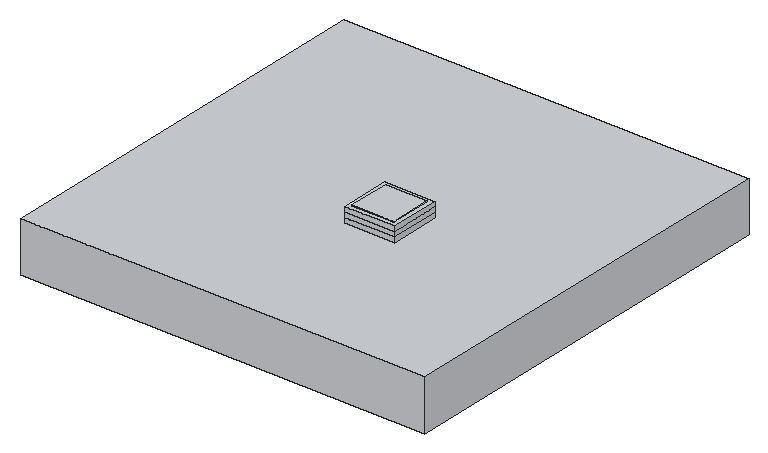
Revit family "PRIAM + PRIAM LED CARRE ", category Luminaires, Revit 2021
Family settings
  Hôte = Face
  Cote de connecteur circulaire = Utiliser le diamètre
  Type d'élément = Normal
  Couper avec des vides une fois chargée = Oui
  Source d'éclairage = Oui
  Partagée = Non
  Point de calcul de pièce = Oui
Parameters (values of type "946717")
  rayon = 150 mm  # constant formula
  nbr poles = 1  # constant formula
  longueur = 300 mm  # constant formula
  largeur = 300 mm  # constant formula
  indice de charge = Eclairage
  hauteur diffuseur = 5 mm  # constant formula
  epaisseur = 30 mm  # constant formula
  diametre diffuseur = 250 mm  # constant formula
  Tension = 230 V  # constant formula
  built-in parameter 1150107 = 4000 (stored number, unit not read)
  Wattage = 21.3 W
  built-in parameter 1150110 = 1 (stored number, unit not read)
  built-in parameter 1150109 = 1 (stored number, unit not read)
  built-in parameter 1114218 = 1 (stored number, unit not read)
  built-in parameter 1150113 = 1 (stored number, unit not read)
  built-in parameter 1150112 = 1 (stored number, unit not read)
  built-in parameter 1150137 = (empty or 0)
  built-in parameter 1150132 = (empty or 0)
  Modèle = "PRIAM LED CARRE DETEC ø300"
  built-in parameter 1150105 = 4283.3 (stored number, unit not read)
  built-in parameter 1150102 = (empty or 0)
  Type Image = (empty or 0)
  IP = "IP 54"  # constant formula
  IK = "IK 10"  # constant formula
  Gradation des changements de température de couleur de lampe = <Aucun>
  Garantie = "5 ans"
  Lumens = 53825.1 lm
  Color Filter = 16777215
  Fichier de distribution photométrique = "PRIAMLED_946717_LD.ies"
  built-in parameter 1114217 = 1 (stored number, unit not read)
  built-in parameter 1150139 = (empty or 0)
  Fabricant = "Resistex"  # constant formula
  Emit from Rectangle Length = 1219.2 mm
  Emit from Rectangle Width = 609.6 mm
  Emettre la visibilité des formes dans le rendu = no
  Default Elevation = 1219.2 mm
  built-in parameter 1150104 = 234.77 (stored number, unit not read)
  built-in parameter 1150106 = 42.833 (stored number, unit not read)
  built-in parameter 1150115 = 1 (stored number, unit not read)
  built-in parameter 1150114 = 1 (stored number, unit not read)
  Description = "Hublot équipé dune platine LED SMD Tridonic\r\nCouleur : Blanc\r\nIP 54, IK 10\r\nVis antivandale\r\nLarg. 300mm x Long. 300mm x Haut. 90mm\r\nFlux restitué 2400lm\r\nConso. système 20.3W\r\nEfficacité lumineuse produit complet 118.2lm/W\r\nLM80 L90F10 > 50000h (Ta25°C)\r\nSVM <0.9\r\nPstLM <1\r\nDiffuseur Polycarbonate Direct/Indirect Opalescent, Corps en Aluminium moulé sous pression\r\nIRC 85\r\nGarantie 5 ans\r\nEmpreinte carbone 1.82gCO2/h\r\nIndice de réparabilité 8,7"
  built-in parameter 1150138 = (empty or 0)
  built-in parameter 1150134 = 12
  Commentaires relatifs à la puissance = "21.3"
  Commentaires du type = "https://www.resistex-sa.com/fr/priam-led-ca-2527lm-hf-bl-4000k-382.html"
  Apparent Load = 22.18 VA
  Tilt Angle = 60.00°
  built-in parameter 1150133 = 10 (stored number, unit not read)
Types (13, lengths in mm): name | built-in parameter 1150107 | Wattage | Modèle | built-in parameter 1150105 | Lumens | Fichier de distribution photométrique | built-in parameter 1150104 | built-in parameter 1150106 | Description | built-in parameter 1150134 | Commentaires relatifs à la puissance | Commentaires du type | Apparent Load
  (no name) | 4000 (stored number, unit not read) | 21.3 W | "PRIAM LED CARRE DETEC ø300" | 4283.3 (stored number, unit not read) | 53825.1 lm | "PRIAMLED_946717_LD.ies" | 234.77 (stored number, unit not read) | 42.833 (stored number, unit not read) | "Hublot équipé dune platine LED SMD Tridonic\r\nCouleur : Blanc\r\nIP 54, IK 10\r\nVis antivandale\r\nLarg. 300mm x Long. 300mm x Haut. 90mm\r\nFlux restitué 2400lm\r\nConso. système 20.3W\r\nEfficacité lumineuse produit complet 118.2lm/W\r\nLM80 L90F10 > 50000h (Ta25°C)\r\nSVM <0.9\r\nPstLM <1\r\nDiffuseur Polycarbonate Direct/Indirect Opalescent, Corps en Aluminium moulé sous pression\r\nIRC 85\r\nGarantie 5 ans\r\nEmpreinte carbone 1.82gCO2/h\r\nIndice de réparabilité 8,7" | 12 | "21.3" | "https://www.resistex-sa.com/fr/priam-led-ca-2527lm-hf-bl-4000k-382.html" | 22.18 VA
  946720 | 3000 (stored number, unit not read) | 20.3 W | "PRIAM LED CARRE ø300" | 3877 (stored number, unit not read) | 48720 lm | "PRIAMLED_946720_LD.ies" | 222.97 (stored number, unit not read) | 38.77 (stored number, unit not read) | "Hublot équipé dune platine LED SMD Tridonic\r\nCouleur : Blanc\r\nIP 54, IK 10\r\nVis antivandale\r\nLarg. 300mm x Long. 300mm x Haut. 90mm\r\nFlux restitué 2400lm\r\nConso. système 20.3W\r\nEfficacité lumineuse produit complet 118.2lm/W\r\nLM80 L90F10 > 50000h (Ta25°C)\r\nSVM <0.9\r\nPstLM <1\r\nDiffuseur Polycarbonate Direct/Indirect Opalescent, Corps en Aluminium moulé sous pression\r\nIRC 85\r\nGarantie 5 ans\r\nEmpreinte carbone 1.82gCO2/h\r\nIndice de réparabilité 8,7" | (empty or 0) | "20.3" | "https://www.resistex-sa.com/fr/priam-led-ca-2400lm-bl-3000k-819.html" | 21.14 VA
  946725 | 3000 (stored number, unit not read) | 20.3 W | "PRIAM LED CARRE ø300" | 3877 (stored number, unit not read) | 48720 lm | "PRIAMLED_946725_LD.ies" | 222.97 (stored number, unit not read) | 38.77 (stored number, unit not read) | "Hublot équipé dune platine LED SMD Tridonic\r\nCouleur : Blanc\r\nIP 54, IK 10\r\nVis antivandale\r\nLarg. 300mm x Long. 300mm x Haut. 90mm\r\nFlux restitué 2400lm\r\nConso. système 20.3W\r\nEfficacité lumineuse produit complet 118.2lm/W\r\nLM80 L90F10 > 50000h (Ta25°C)\r\nSVM <0.9\r\nPstLM <1\r\nDiffuseur Polycarbonate Direct/Indirect Opalescent, Corps en Aluminium moulé sous pression\r\nIRC 85\r\nGarantie 5 ans\r\nEmpreinte carbone 1.82gCO2/h\r\nIndice de réparabilité 8,7" | (empty or 0) | "20.3" | "https://www.resistex-sa.com/fr/priam-led-ca-2400lm-ant-3000k-917.html" | 21.14 VA
  946705 | 4000 (stored number, unit not read) | 20.3 W | "PRIAM LED CARRE ø300" | 4082.2 (stored number, unit not read) | 51298.1 lm | "PRIAMLED_946705_LD.ies" | 234.77 (stored number, unit not read) | 40.822 (stored number, unit not read) | "Hublot équipé dune platine LED SMD Tridonic\r\nCouleur : Blanc\r\nIP 54, IK 10\r\nVis antivandale\r\nLarg. 300mm x Long. 300mm x Haut. 90mm\r\nFlux restitué 2400lm\r\nConso. système 20.3W\r\nEfficacité lumineuse produit complet 118.2lm/W\r\nLM80 L90F10 > 50000h (Ta25°C)\r\nSVM <0.9\r\nPstLM <1\r\nDiffuseur Polycarbonate Direct/Indirect Opalescent, Corps en Aluminium moulé sous pression\r\nIRC 85\r\nGarantie 5 ans\r\nEmpreinte carbone 1.82gCO2/h\r\nIndice de réparabilité 8,7" | 12 | "20.3" | "https://www.resistex-sa.com/fr/priam-led-ca-2527lm-ant-4000k-299.html" | 21.14 VA
  946712 | 4000 (stored number, unit not read) | 20.3 W | "PRIAM LED CARRE ø300" | 4082.2 (stored number, unit not read) | 51298.1 lm | "PRIAMLED_946712_LD.ies" | 234.77 (stored number, unit not read) | 40.822 (stored number, unit not read) | "Hublot équipé dune platine LED SMD Tridonic\r\nCouleur : Blanc\r\nIP 54, IK 10\r\nVis antivandale\r\nLarg. 300mm x Long. 300mm x Haut. 90mm\r\nFlux restitué 2400lm\r\nConso. système 20.3W\r\nEfficacité lumineuse produit complet 118.2lm/W\r\nLM80 L90F10 > 50000h (Ta25°C)\r\nSVM <0.9\r\nPstLM <1\r\nDiffuseur Polycarbonate Direct/Indirect Opalescent, Corps en Aluminium moulé sous pression\r\nIRC 85\r\nGarantie 5 ans\r\nEmpreinte carbone 1.82gCO2/h\r\nIndice de réparabilité 8,7" | 12 | "20.3" | "https://www.resistex-sa.com/fr/priam-led-ca-2527lm-bl-4000k-378.html" | 21.14 VA
  946731 | 3000 (stored number, unit not read) | 21.3 W | "PRIAM LED CARRE DETEC ø300" | 4068 (stored number, unit not read) | 51120 lm | "PRIAMLED_946731_LD.ies" | 222.97 (stored number, unit not read) | 40.68 (stored number, unit not read) | "Hublot équipé dune platine LED SMD Tridonic\r\nCouleur : Blanc\r\nIP 54, IK 10\r\nVis antivandale\r\nLarg. 300mm x Long. 300mm x Haut. 90mm\r\nFlux restitué 2400lm\r\nConso. système 20.3W\r\nEfficacité lumineuse produit complet 118.2lm/W\r\nLM80 L90F10 > 50000h (Ta25°C)\r\nSVM <0.9\r\nPstLM <1\r\nDiffuseur Polycarbonate Direct/Indirect Opalescent, Corps en Aluminium moulé sous pression\r\nIRC 85\r\nGarantie 5 ans\r\nEmpreinte carbone 1.82gCO2/h\r\nIndice de réparabilité 8,7" | (empty or 0) | "21.3" | "https://www.resistex-sa.com/fr/priam-led-ca-2400lm-hf-bl-3000k-922.html" | 22.18 VA
  946723 | 3000 (stored number, unit not read) | 21.3 W | "PRIAM LED CARRE DETEC ø300" | 4068 (stored number, unit not read) | 51120 lm | "PRIAMLED_946723_LD.ies" | 222.97 (stored number, unit not read) | 40.68 (stored number, unit not read) | "Hublot équipé dune platine LED SMD Tridonic\r\nCouleur : Blanc\r\nIP 54, IK 10\r\nVis antivandale\r\nLarg. 300mm x Long. 300mm x Haut. 90mm\r\nFlux restitué 2400lm\r\nConso. système 20.3W\r\nEfficacité lumineuse produit complet 118.2lm/W\r\nLM80 L90F10 > 50000h (Ta25°C)\r\nSVM <0.9\r\nPstLM <1\r\nDiffuseur Polycarbonate Direct/Indirect Opalescent, Corps en Aluminium moulé sous pression\r\nIRC 85\r\nGarantie 5 ans\r\nEmpreinte carbone 1.82gCO2/h\r\nIndice de réparabilité 8,7" | (empty or 0) | "21.3" | "https://www.resistex-sa.com/fr/priam-led-ca-2400lm-hf-bl-3000k-922.html" | 22.18 VA
  946717 | 4000 (stored number, unit not read) | 21.3 W | "PRIAM LED CARRE DETEC ø300" | 4283.3 (stored number, unit not read) | 53825.1 lm | "PRIAMLED_946717_LD.ies" | 234.77 (stored number, unit not read) | 42.833 (stored number, unit not read) | "Hublot équipé dune platine LED SMD Tridonic\r\nCouleur : Blanc\r\nIP 54, IK 10\r\nVis antivandale\r\nLarg. 300mm x Long. 300mm x Haut. 90mm\r\nFlux restitué 2400lm\r\nConso. système 20.3W\r\nEfficacité lumineuse produit complet 118.2lm/W\r\nLM80 L90F10 > 50000h (Ta25°C)\r\nSVM <0.9\r\nPstLM <1\r\nDiffuseur Polycarbonate Direct/Indirect Opalescent, Corps en Aluminium moulé sous pression\r\nIRC 85\r\nGarantie 5 ans\r\nEmpreinte carbone 1.82gCO2/h\r\nIndice de réparabilité 8,7" | 12 | "21.3" | "https://www.resistex-sa.com/fr/priam-led-ca-2527lm-hf-bl-4000k-382.html" | 22.18 VA
  946706 | 4000 (stored number, unit not read) | 21.3 W | "PRIAM LED CARRE DETEC ø300" | 4283.3 (stored number, unit not read) | 53825.1 lm | "PRIAMLED_946706_LD.ies" | 234.77 (stored number, unit not read) | 42.833 (stored number, unit not read) | "Hublot équipé dune platine LED SMD Tridonic\r\nCouleur : Blanc\r\nIP 54, IK 10\r\nVis antivandale\r\nLarg. 300mm x Long. 300mm x Haut. 90mm\r\nFlux restitué 2400lm\r\nConso. système 20.3W\r\nEfficacité lumineuse produit complet 118.2lm/W\r\nLM80 L90F10 > 50000h (Ta25°C)\r\nSVM <0.9\r\nPstLM <1\r\nDiffuseur Polycarbonate Direct/Indirect Opalescent, Corps en Aluminium moulé sous pression\r\nIRC 85\r\nGarantie 5 ans\r\nEmpreinte carbone 1.82gCO2/h\r\nIndice de réparabilité 8,7" | 12 | "21.3" | "https://www.resistex-sa.com/fr/priam-led-ca-2527lm-hf-ant-4000k-300.html" | 22.18 VA
  946742 + 931037 | 3000 (stored number, unit not read) | 13 W | "PRIAM CARRE ø300" | 121.04 (stored number, unit not read) | 1521 lm | "PRIAM_946742_LD.ies" | 10.87 (stored number, unit not read) | 1.2104 (stored number, unit not read) | "Hublot en fonte d'alu avec éclairage direct et halo lumineux périphérique\r\nHublot aluminium équipé de deux douilles E27\r\nCouleur : Blanc\r\nIP 54, IK 10\r\nVis antivandale\r\nLarg. 300mm x Long. 300mm x Haut. 90mm\r\nDiffuseur Polycarbonate Direct/Indirect Opalescent, Corps en Aluminium\r\nIRC >80\r\nGarantie 2 ans\r\nIndice de réparabilité 9,1" | (empty or 0) | "13" | "https://www.resistex-sa.com/fr/priam-ca-2xe27-bl-1216.html" | 26 VA
  946701 + 931037 | 3000 (stored number, unit not read) | 13 W | "PRIAM CARRE ø300" | 121.04 (stored number, unit not read) | 1521 lm | "PRIAM_946701_LD.ies" | 10.87 (stored number, unit not read) | 1.2104 (stored number, unit not read) | "Hublot en fonte d'alu avec éclairage direct et halo lumineux périphérique\r\nHublot aluminium équipé de deux douilles E27\r\nCouleur : Blanc\r\nIP 54, IK 10\r\nVis antivandale\r\nLarg. 300mm x Long. 300mm x Haut. 90mm\r\nDiffuseur Polycarbonate Direct/Indirect Opalescent, Corps en Aluminium\r\nIRC >80\r\nGarantie 2 ans\r\nIndice de réparabilité 9,1" | (empty or 0) | "13" | "https://www.resistex-sa.com/fr/priam-ca-2xe27-ant-295.html" | 26 VA
  946743 + 931037 | 3000 (stored number, unit not read) | 13 W | "PRIAM CARRE DETEC ø300" | 121.04 (stored number, unit not read) | 1521 lm | "PRIAM_946743_LD.ies" | 10.87 (stored number, unit not read) | 1.2104 (stored number, unit not read) | "Hublot en fonte d'alu avec éclairage direct et halo lumineux périphérique\r\nHublot aluminium équipé de deux douilles E27\r\nCouleur : Blanc\r\nIP 54, IK 10\r\nVis antivandale\r\nLarg. 300mm x Long. 300mm x Haut. 90mm\r\nDiffuseur Polycarbonate Direct/Indirect Opalescent, Corps en Aluminium\r\nIRC >80\r\nGarantie 2 ans\r\nIndice de réparabilité 9,1" | (empty or 0) | "13" | "https://www.resistex-sa.com/fr/priam-ca-2xe27-hf-anthra-1410.html" | 26 VA
  946741 + 931037 | 3000 (stored number, unit not read) | 13 W | "PRIAM CARRE DETEC ø300" | 121.04 (stored number, unit not read) | 1521 lm | "PRIAM_946741_LD.ies" | 10.87 (stored number, unit not read) | 1.2104 (stored number, unit not read) | "Hublot en fonte d'alu avec éclairage direct et halo lumineux périphérique\r\nHublot aluminium équipé de deux douilles E27\r\nCouleur : Blanc\r\nIP 54, IK 10\r\nVis antivandale\r\nLarg. 300mm x Long. 300mm x Haut. 90mm\r\nDiffuseur Polycarbonate Direct/Indirect Opalescent, Corps en Aluminium\r\nIRC >80\r\nGarantie 2 ans\r\nIndice de réparabilité 9,1" | (empty or 0) | "13" | "https://www.resistex-sa.com/fr/priam-ca-2xe27-hf-bl-1215.html" | 26 VA
Reference planes
  plane 1 "Centre (avant/arrière)": y = 0
  plane 2: z = 0
  plane 3 "Centre (gauche/droite)": x = 0
  plane 4: x = 151.215
  plane 5: x = 302.429
  plane 6: y = -300
  plane 7: y = -150
  plane 8 "niv 1": z = 30
  plane 9 "niv2": z = 60
  plane 10 "niv3": z = 90
  plane 11: x = 26.215
  plane 12: x = 276.215
  plane 13 "niv4": z = 95
  plane 14: y = -275
  plane 15: y = -25
Forms (mm)
  Extrusion 1, solid
    sketch origin (0, 0, 0) x (1, 0, 0) y (0, 1, 0)
      loop
        line (-1219.2, 1219.2) -> (-1219.2, -1219.2) -> (1219.2, -1219.2) -> (1219.2, 1219.2) -> (-1219.2, 1219.2)
    from 0 to -304.8
  Extrusion 2, solid
    sketch origin (0, 0, 0) x (0, 1, 0) y (0, 0, 1)
      loop
        line (-300, 30) -> (-300, 0) -> (0, 0) -> (0, 30) -> (-300, 30)
    from 0 to 302.429
  Extrusion 3, solid
    sketch origin (0, 0, 30) x (-1, 0, 0) y (0, -1, 0)
      loop
        line (0, 0) -> (0, 300) -> (-302.429, 300) -> (-302.429, 0) -> (0, 0)
    from 0 to 30
  Extrusion 4, solid
    sketch origin (0, 0, 60) x (-1, 0, 0) y (0, -1, 0)
      loop
        line (0, 0) -> (0, 300) -> (-302.429, 300) -> (-302.429, 0) -> (0, 0)
    from 0 to 30
  Extrusion 5, solid
    sketch origin (0, 0, 90) x (-1, 0, 0) y (0, -1, 0)
      loop
        line (-26.215, 25) -> (-26.215, 275) -> (-276.215, 275) -> (-276.215, 25) -> (-26.215, 25)
    from 0 to 5 <- "hauteur diffuseur"
Dimensions and locks
  equal spacing: plane 3 "Centre (gauche/droite)", plane 4, plane 5
  plane 4 to plane 5 = 151.215 mm
  equal spacing: plane 6, plane 7, plane 1 "Centre (avant/arrière)"
  "rayon": plane 7 to plane 6
  "epaisseur": plane 8 "niv 1" to Extrusion 1
  "epaisseur": plane 9 "niv2" to plane 8 "niv 1"
  "epaisseur": plane 10 "niv3" to plane 9 "niv2"
  "diametre diffuseur": plane 12 to plane 11
  equal spacing: plane 12, plane 4, plane 11
  "hauteur diffuseur": plane 13 "niv4" to plane 10 "niv3"
  equal spacing: plane 14, plane 7, plane 15
  "diametre diffuseur": plane 14 to plane 15
  aligned and locked: plane 2 to Extrusion 1
  aligned and locked: level to Extrusion 1
  aligned and locked: Extrusion 2 sketch curve to plane 8 "niv 1"
  aligned and locked: plane 6 to Extrusion 2 sketch curve
  aligned and locked: Extrusion 1 to Extrusion 2 sketch curve
  aligned and locked: plane 1 "Centre (avant/arrière)" to Extrusion 2 sketch curve
  aligned and locked: plane 5 to Extrusion 2
  aligned and locked: Extrusion 3 sketch curve to Extrusion 2  (x4)
  aligned and locked: Extrusion 4 sketch curve to Extrusion 2  (x4)
  aligned and locked: plane 15 to Extrusion 5 sketch curve
  aligned and locked: plane 11 to Extrusion 5 sketch curve
  aligned and locked: plane 14 to Extrusion 5 sketch curve
  aligned and locked: plane 12 to Extrusion 5 sketch curve
Automatic sketch dimensions
  Extrusion 1 sketch curve to Extrusion 1 sketch curve = 2438.4 mm  (x2)
Connectors
  electrical at (151.215, -150, 0), driven by "Tension", driven by "Apparent Load", driven by "nbr poles", driven by "Apparent Load", driven by "indice de charge"
    settings: on Extrusion 2, index 1, voltage 230 V, apparent load 0 VA, apparent load phase1 22.18 VA, apparent load phase2 22.18 VA, apparent load phase3 0 VA, power factor 1, load classification "Eclairage", number of poles 1, system type 31, power factor state 1, is connector primary yes, connector utility no, sub classification motor no, connector description ""
